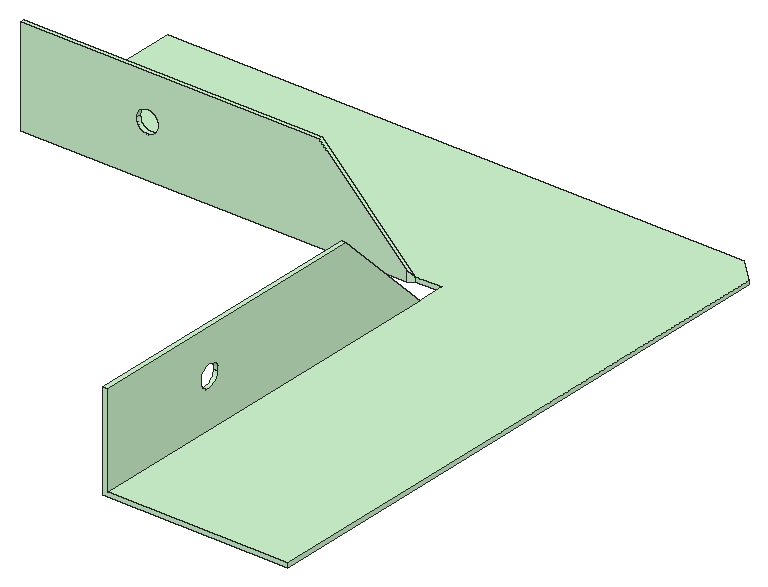
Revit family "35Lバー出隅J-eL3520(ビス)", category 機械設備, Revit 2020
Family settings
  丸型コネクタ寸法 = 直径を使用
  種別 = なし
  パーツ タイプ = 標準
  作業面ベース = いいえ
  常に垂直 = はい
  ロード時にボイドで切り取り = いいえ
  共有 = いいえ
  部屋計算ポイント = いいえ
Parameters
  製造元 = "株式会社桐井製作所"
  既定の高さ = 0 mm
  URL = "https://www.kirii.co.jp/"
  K_材質 = "溶融亜鉛めっき鋼板及び鋼帯 SGCC 一般用"
  K_品名 = "35Lバー出隅J-eL3520(ビス)"
  K_名称 = "Lバージョイント"
  K_入数 = "200"
  K_備考 = "対象Lバー:eL3520(35面)"
  K_バージョン情報 = "20220915"
  K_めっき付着量 = "Z12"
  K_JIS規格 = "JIS G 3302"
Reference planes
  plane 1 "中心(正面/背面)": y = 0
  plane 2: z = 0
  plane 3 "中心(左/右)": x = 0
Forms (mm)
  Extrusion 1, solid
    sketch origin (-73.296, 0, 0) x (0, 1, 0) y (0, 0, 1)
      loop
        line (-0.8, 0) -> (0, 0) -> (0, 17.5) -> (-0.8, 17.5) -> (-0.8, 0)
    from -2.121 to 73.379
  Extrusion 2, solid
    sketch origin (-73.296, 0, 0) x (0, 1, 0) y (0, 0, 1)
      loop
        line (32.5, 0.8) -> (0, 0.8) -> (0, 0) -> (32.5, 0) -> (32.5, 0.8)
    from -2.121 to 105.879
  Extrusion 3, solid
    sketch origin (32.582, 0, 0) x (1, 0, 0) y (0, 0, 1)
      loop
        line (-33.3, 0) -> (0, 0) -> (0, 0.8) -> (-32.5, 0.8) -> (-32.5, 17.5) -> (-33.3, 17.5) -> (-33.3, 0)
    from 0 to 75.5
  Extrusion 4, void
    sketch origin (32.582, 0, 0) x (0, 1, 0) y (0, 0, 1)
      loop
        line (-21.65, 17.5) -> (-4.15, 0) -> (0, 0) -> (0, 17.5) -> (-21.65, 17.5)
    from -33.3 to -32.5
  Extrusion 5, void
    sketch origin (32.582, 0, 0) x (1, 0, 0) y (0, 0, 1)
      loop
        line (-32.5, 17.5) -> (-54.15, 17.5) -> (-36.65, 0) -> (-32.5, 0) -> (-32.5, 17.5)
    from 0 to 0.8
  Extrusion 6, void
    sketch origin (32.582, 0, 0) x (1, 0, 0) y (0, 1, 0)
      loop
        line (-29.345, -1.795) -> (-34.295, 3.155) -> (-38.25, -0.8) -> (-33.3, -5.75) -> (-29.345, -1.795)
    from 0 to 1.712
  Extrusion 7, void
    sketch origin (32.582, 0, 0) x (1, 0, 0) y (0, 1, 0)
      loop
        line (0, 32.5) -> (-3.986, 32.5) -> (0, 28.514) -> (0, 32.5)
    from 0 to 0.8
  Extrusion 8, void
    sketch origin (32.582, 0, 0) x (0, 1, 0) y (0, 0, 1)
      loop
        circle (-52.5, 9.5) r 2
    from -33.3 to -32.5
  Extrusion 9, void
    sketch origin (32.582, 0, 0) x (1, 0, 0) y (0, 0, 1)
      loop
        circle (-85, 9.5) r 2
    from 0 to 0.8
Cuts and joins
  Extrusion 4, Extrusion 5, Extrusion 6, Extrusion 9 cuts Extrusion 1
  Extrusion 4, Extrusion 7 cuts Extrusion 2
  Extrusion 4, Extrusion 8 cuts Extrusion 3
  joined: Extrusion 1, Extrusion 2, Extrusion 3
Dimensions and locks
  aligned and locked: level to plane 2
